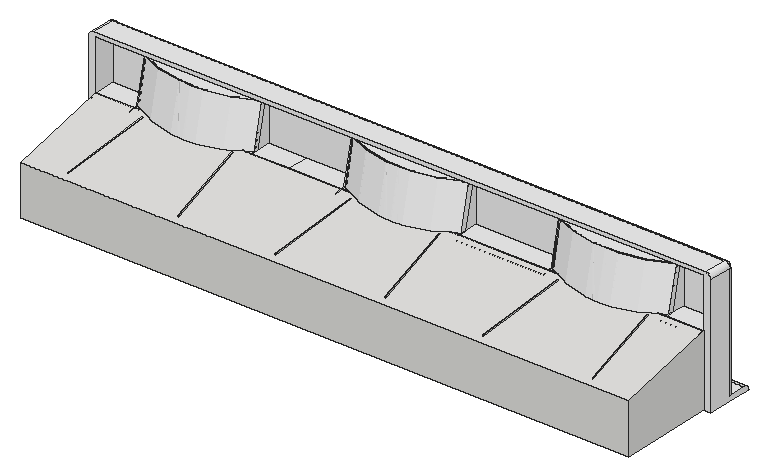
Revit family "Plumbing-Sink-Sloan-Valve-ELC-83000_", category Plumbing Fixtures, host Face, Revit 2020
Family settings
  Host = Face
  Round Connector Dimension = Use Diameter
  Part Type = Normal
  OmniClass Number = 23.45.05.14.14
  OmniClass Title = Sinks/Lavatories
  Cut with Voids When Loaded = No
  Shared = No
  Room Calculation Point = No
Parameters (values of type "ELC-83000")
  Width = 90.00"  # constant formula
  Water Flow = 0.0 GPM
  Waste Connection = yes
  WFU = 2
  Voltage = 110 V
  Vent Connection = no
  Valve Pressure Drop = 0.0 Pa
  URL = "www.sloanvalve.com"
  TAS Ages 4-10 [instance] = no
  TAS Ages 11-15 [instance] = no
  Sanitary Drain Connector Description = "Sanitary Drain Connector"  # constant formula
  Sanitary Drain Connection Diameter = 1.50"  # constant formula
  Product data url = "https://bimobject.com/sloan_valve/product/sinks_sloanstone_ELC-83000"
  Product Material = Sloan - SloanStone - White (WH)
  Power Factor = 1
  Part Number = ""
  Number of Poles = 1
  Model = "ELC-83000"
  Manufacturer = "Sloan Valve"  # constant formula
  Keynote = "10000"
  Hot Water Connector Description = "Hot Water Connector"  # constant formula
  Hot Water Connection Diameter = 0.50"  # constant formula
  Height = 6.78"  # constant formula
  HWFU = 1.5
  HW Connection = yes
  z_Elevation [instance] = if(ADA Compliant, 22.00", if([TAS Ages 4-10], 18.00", if([TAS Ages 11-15], 20.00", 24.00")))  # 22.00"
  Enclosure [instance] = yes
  Edition number = 1
  Description = "SloanStone® 3-Station Wall-Mounted Counter Top Sink."
  Depth = 18.00"  # constant formula
  Default Elevation = 0.00"  # constant formula
  Current = 15 A
  Connector Description = "Electrical Connection"  # constant formula
  Cold Water Connector Description = "Cold Water Connector"  # constant formula
  Cold Water Connection Diameter = 0.50"  # constant formula
  CWFU = 1.5
  CW Connection = yes
  Assembly Code = "D2010400"
  Apparent Load = (Voltage * Current) / (Power Factor * Number of Poles)  # 1650 VA
  ADA Compliant [instance] = yes
Reference planes (in)
  plane 1 "Center (Front/Back)": y = 0
  plane 2: z = 0
  plane 3 "Center (Left/Right)": x = 0
  plane 4: x = -15
  plane 5: x = 15
  plane 6: z = 18
  plane 7: z = 2.13045
  plane 8: y = -14.9375
  plane 9: y = -36.9375
Dimensions and locks (in)
  nested 1 to plane 8 = 11.9375"
  "z_Elevation": plane 8 to plane 9
  aligned and locked: plane 2 to host face
  aligned and locked: level to host face
  aligned and locked: plane 3 "Center (Left/Right)" to nested 1
  aligned and locked: nested 1 to plane 8
Automatic sketch dimensions
  host sketch curve to host sketch curve = 96.00"  (x2)
Nested families (in)
  nested 1: "Geometry4" at (0, -3, 0), type "Geometry4"
Connectors (in)
  piping at (-29.98625, -14.9375, 0), diameter 1.5, driven by "Sanitary Drain Connection Diameter", driven by "WFU", driven by "Sanitary Drain Connector Description"
    settings: on nested 1, index 5, connector inside diameter 24.00", connector length 0.00", flow factor 0, pipe flow 0.0 GPM, pressure drop 0.0 Pa, fitting loss kfactor 0, connector angle 0.00°, fixture units 2, engagement length 0.00", angle of deflection 0.00°, flow configuration 3, flow direction 2, fitting loss method 0, system type 16, joint type 0, gender type 0, connector reference index -1, connector utility 0, adjustable connector no, is connector primary yes, connector description "Sanitary Drain Connector"
  piping at (-27.98625, -14.9375, 0), diameter 0.5, driven by "Cold Water Connection Diameter", driven by "CWFU", driven by "Cold Water Connector Description"
    settings: on nested 1, index 6, connector inside diameter 24.00", connector length 0.00", flow factor 0, pipe flow 0.0 GPM, pressure drop 0.0 Pa, fitting loss kfactor 0, connector angle 0.00°, fixture units 1.5, engagement length 0.00", angle of deflection 0.00°, flow configuration 3, flow direction 1, fitting loss method 0, system type 20, joint type 0, gender type 0, connector reference index -1, connector utility 0, adjustable connector no, is connector primary no, connector description "Cold Water Connector"
  piping at (-31.98625, -14.9375, 0), diameter 0.5, driven by "Hot Water Connection Diameter", driven by "HWFU", driven by "Hot Water Connector Description"
    settings: on nested 1, index 7, connector inside diameter 24.00", connector length 0.00", flow factor 0, pipe flow 0.0 GPM, pressure drop 0.0 Pa, fitting loss kfactor 0, connector angle 0.00°, fixture units 1.5, engagement length 0.00", angle of deflection 0.00°, flow configuration 3, flow direction 1, fitting loss method 0, system type 19, joint type 0, gender type 0, connector reference index -1, connector utility 0, adjustable connector no, is connector primary no, connector description "Hot Water Connector"
  piping at (30.00724, -14.9375, 0), diameter 1.5, driven by "Sanitary Drain Connection Diameter", driven by "WFU", driven by "Sanitary Drain Connector Description"
    settings: on nested 1, index 8, connector inside diameter 24.00", connector length 0.00", flow factor 0, pipe flow 0.0 GPM, pressure drop 0.0 Pa, fitting loss kfactor 0, connector angle 0.00°, fixture units 2, engagement length 0.00", angle of deflection 0.00°, flow configuration 3, flow direction 2, fitting loss method 0, system type 16, joint type 0, gender type 0, connector reference index -1, connector utility 0, adjustable connector no, is connector primary no, connector description "Sanitary Drain Connector"
  piping at (32.00724, -14.9375, 0), diameter 0.5, driven by "Cold Water Connection Diameter", driven by "CWFU", driven by "Cold Water Connector Description"
    settings: on nested 1, index 9, connector inside diameter 24.00", connector length 0.00", flow factor 0, pipe flow 0.0 GPM, pressure drop 0.0 Pa, fitting loss kfactor 0, connector angle 0.00°, fixture units 1.5, engagement length 0.00", angle of deflection 0.00°, flow configuration 3, flow direction 1, fitting loss method 0, system type 20, joint type 0, gender type 0, connector reference index -1, connector utility 0, adjustable connector no, is connector primary no, connector description "Cold Water Connector"
  piping at (28.00724, -14.9375, 0), diameter 0.5, driven by "Hot Water Connection Diameter", driven by "HWFU", driven by "Hot Water Connector Description"
    settings: on nested 1, index 10, connector inside diameter 24.00", connector length 0.00", flow factor 0, pipe flow 0.0 GPM, pressure drop 0.0 Pa, fitting loss kfactor 0, connector angle 0.00°, fixture units 1.5, engagement length 0.00", angle of deflection 0.00°, flow configuration 3, flow direction 1, fitting loss method 0, system type 19, joint type 0, gender type 0, connector reference index -1, connector utility 0, adjustable connector no, is connector primary no, connector description "Hot Water Connector"
  electrical at (21, -11.9375, 0), driven by "Number of Poles", driven by "Voltage", driven by "Apparent Load", driven by "Power Factor", driven by "Connector Description"
    settings: on nested 1, index 11, voltage 110 V, apparent load 0 VA, apparent load phase1 1650 VA, apparent load phase2 0 VA, apparent load phase3 0 VA, power factor 1, load classification "Other", number of poles 1, system type 31, power factor state 1, is connector primary yes, connector utility no, sub classification motor no, connector description "Electrical Connection"
  piping at (2.01375, -14.9375, 0), diameter 0.5, driven by "Cold Water Connection Diameter", driven by "CWFU", driven by "Cold Water Connector Description"
    settings: on nested 1, index 13, connector inside diameter 24.00", connector length 0.00", flow factor 0, pipe flow 0.0 GPM, pressure drop 0.0 Pa, fitting loss kfactor 0, connector angle 0.00°, fixture units 1.5, engagement length 0.00", angle of deflection 0.00°, flow configuration 3, flow direction 1, fitting loss method 0, system type 20, joint type 0, gender type 0, connector reference index -1, connector utility 0, adjustable connector no, is connector primary no, connector description "Cold Water Connector"
  piping at (-1.98625, -14.9375, 0), diameter 0.5, driven by "HWFU", driven by "Hot Water Connector Description", driven by "Hot Water Connection Diameter"
    settings: on nested 1, index 14, connector inside diameter 24.00", connector length 0.00", flow factor 0, pipe flow 0.0 GPM, pressure drop 0.0 Pa, fitting loss kfactor 0, connector angle 0.00°, fixture units 1.5, engagement length 0.00", angle of deflection 0.00°, flow configuration 3, flow direction 1, fitting loss method 0, system type 19, joint type 0, gender type 0, connector reference index -1, connector utility 0, adjustable connector no, is connector primary no, connector description "Hot Water Connector"
  piping at (0.01375, -14.9375, 0), diameter 1.5, driven by "Sanitary Drain Connection Diameter", driven by "WFU", driven by "Sanitary Drain Connector Description"
    settings: on nested 1, index 15, connector inside diameter 24.00", connector length 0.00", flow factor 0, pipe flow 0.0 GPM, pressure drop 0.0 Pa, fitting loss kfactor 0, connector angle 0.00°, fixture units 2, engagement length 0.00", angle of deflection 0.00°, flow configuration 3, flow direction 2, fitting loss method 0, system type 16, joint type 0, gender type 0, connector reference index -1, connector utility 0, adjustable connector no, is connector primary no, connector description "Sanitary Drain Connector"
  electrical at (-9, -11.9375, 0), driven by "Number of Poles", driven by "Voltage", driven by "Apparent Load", driven by "Power Factor", driven by "Connector Description"
    settings: on nested 1, index 16, voltage 110 V, apparent load 0 VA, apparent load phase1 1650 VA, apparent load phase2 0 VA, apparent load phase3 0 VA, power factor 1, load classification "Other", number of poles 1, system type 31, power factor state 1, is connector primary no, connector utility no, sub classification motor no, connector description "Electrical Connection"
  electrical at (-39, -11.9375, 0), driven by "Number of Poles", driven by "Voltage", driven by "Apparent Load", driven by "Power Factor", driven by "Connector Description"
    settings: on nested 1, index 17, voltage 110 V, apparent load 0 VA, apparent load phase1 1650 VA, apparent load phase2 0 VA, apparent load phase3 0 VA, power factor 1, load classification "Other", number of poles 1, system type 31, power factor state 1, is connector primary no, connector utility no, sub classification motor no, connector description "Electrical Connection"
Definition of nested family "Geometry4"
  Parameters (values of type "Geometry4")
    URL = ""
    Product Material = none
    Model = ""
    Manufacturer = ""
    Enclosure Material = none
    Enclosure = yes
    Description = ""
    Default Elevation = 33.9375"
    Assembly Code = ""
  Reference planes (in)
    plane 1 "Center (Front/Back)": y = 0
    plane 2: z = 0
    plane 3 "Center (Left/Right)": x = 0
    plane 4: z = 18
    plane 5: x = 30
    plane 6: x = -30
    plane 7: y = 3
    plane 8: y = -17.4375
    plane 9: y = -33.9375
    plane 10: y = -3.78125
    plane 11: z = 6.75
    plane 12: y = -11.9375
    plane 13: x = 28
    plane 14: x = 32
    plane 15: y = -3.78125
    plane 16: y = -8.9375
    plane 17: y = -5.89909
    plane 18: x = -38.74276
    plane 19: x = -21.24276
    plane 20: z = 4.59881
    plane 21: z = 7.6162
    plane 22: y = -33.9375
    plane 23: x = 45
    plane 24: x = -45
    plane 25: x = 44
    plane 26: x = -44
    plane 27: x = 38.75
    plane 28: x = 21.25
    plane 29: z = 7.6162
    plane 30: x = -32
    plane 31: x = -28
    plane 32: x = -8.74276
    plane 33: x = 8.75724
    plane 34: z = 7.6162
    plane 35: x = -2
    plane 36: x = 2
  Forms (in)
    Extrusion 1, solid
      sketch origin (0, 0, 0) x (1, 0, 0) y (0, 1, 0)
        loop
          line (-48, 48) -> (-48, -48) -> (48, -48) -> (48, 48) -> (-48, 48)
      from 0 to -12
    Extrusion 2, solid, material <- "Product Material"
      sketch origin (-15, 0, 0) x (0, 1, 0) y (0, 0, 1)
        loop
          line (-4.67455, 0) -> (0, 0) -> (3, 0)
          arc (3, 0) -> (2.78033, 0.53033) -> (2.25, 0.75) r 0.75
          line (2.25, 0.75) -> (0, 0.75) -> (0, 18) -> (-4.67455, 18) -> (-4.67455, 0)
      from -30 to 60
    Blend 3, void
      base sketch origin (-14.99276, 0, 0) x (1, 0, 0) y (0, 0, 1)
        loop
          arc (-6.99457, 15.13528) -> (-7.14101, 15.48883) -> (-7.49457, 15.63528) r 0.5
          line (-7.49457, 15.63528) -> (-22.49457, 15.63528)
          arc (-22.49457, 15.63528) -> (-22.84812, 15.48883) -> (-22.99457, 15.13528) r 0.5
          line (-22.99457, 15.13528) -> (-22.99457, 5.13528)
          arc (-22.99457, 5.13528) -> (-22.84812, 4.78172) -> (-22.49457, 4.63528) r 0.5
          line (-22.49457, 4.63528) -> (-7.49457, 4.63528)
          arc (-7.49457, 4.63528) -> (-7.14101, 4.78172) -> (-6.99457, 5.13528) r 0.5
          line (-6.99457, 5.13528) -> (-6.99457, 15.13528)
      top sketch origin (-14.99276, 0, 0) x (1, 0, 0) y (0, 0, 1)
        loop
          arc (-7.5, 4.13528) -> (-6.79289, 4.42817) -> (-6.5, 5.13528) r 1
          line (-6.5, 5.13528) -> (-6.5, 15.13528)
          arc (-6.5, 15.13528) -> (-6.79289, 15.84238) -> (-7.5, 16.13528) r 1
          line (-7.5, 16.13528) -> (-22.5, 16.13528)
          arc (-22.5, 16.13528) -> (-23.20711, 15.84238) -> (-23.5, 15.13528) r 1
          line (-23.5, 15.13528) -> (-23.5, 5.13528)
          arc (-23.5, 5.13528) -> (-23.20711, 4.42817) -> (-22.5, 4.13528) r 1
          line (-22.5, 4.13528) -> (-7.5, 4.13528)
      from 5.04228 to 0
    Blend 4, void
      base sketch origin (0, 0, 0) x (1, 0, 0) y (0, 0, 1)
        loop
          line (-15.5, 0.75) -> (-15.5, 17.49276) -> (-44.48551, 17.49276) -> (-44.48551, 0.75) -> (-15.5, 0.75)
      top sketch origin (0, 0, 0) x (1, 0, 0) y (0, 0, 1)
        loop
          arc (-21.5, 15.13528) -> (-21.79289, 15.84238) -> (-22.5, 16.13528) r 1
          line (-22.5, 16.13528) -> (-37.5, 16.13528)
          arc (-37.5, 16.13528) -> (-38.20711, 15.84238) -> (-38.5, 15.13528) r 1
          line (-38.5, 15.13528) -> (-38.5, 5.13528)
          arc (-38.5, 5.13528) -> (-38.20711, 4.42817) -> (-37.5, 4.13528) r 1
          line (-37.5, 4.13528) -> (-22.5, 4.13528)
          arc (-22.5, 4.13528) -> (-21.79289, 4.42817) -> (-21.5, 5.13528) r 1
          line (-21.5, 5.13528) -> (-21.5, 15.13528)
      from 0 to 0.625
    Extrusion 5, solid, material <- "Enclosure Material"
      sketch origin (30.00724, 15.09345, 0) x (1, 0, 0) y (0, 1, 0)
        loop
          circle (0, -27.03095) r 0.75
        loop
          circle (2, -27.03095) r 0.25
        loop
          circle (-2, -27.03095) r 0.25
      from 0 to 0.01563
    Extrusion 6, solid, material <- "Product Material"
      sketch origin (-30, 0, 0) x (1, 0, 0) y (0, 0, 1)
        loop
          line (1.5625, 0.75) -> (1.5625, 2.13045)
          arc (1.5625, 2.13045) -> (0, 3.69295) -> (-1.5625, 2.13045) r 1.5625
          line (-1.5625, 2.13045) -> (-1.5625, 0.75) -> (1.5625, 0.75)
        loop
          circle (0, 2.2242) r 0.75
      from 0 to 0.75
    Sweep 7, void
      path origin (0, 0, 0) x (1, 0, 0) y (0, 0, 1)
        loop
          line (45, 0.75) -> (45, 17.25)
          arc (45, 17.25) -> (44.78033, 17.78033) -> (44.25, 18) r 0.75
          line (44.25, 18) -> (-44.25, 18)
          arc (-44.25, 18) -> (-44.78033, 17.78033) -> (-45, 17.25) r 0.75
          line (-45, 17.25) -> (-45, 0.75)
      profile origin (45, 0, 9) x (-1, 0, 0) y (0, -1, 0)
        loop
          line (0, 0.38898) -> (0, 0) -> (0.38898, 0)
          arc (0.38898, 0) -> (0.11393, 0.11393) -> (0, 0.38898) r 0.38898
    Extrusion 8, solid, material <- "Product Material"
      sketch origin (-38.25045, 0.02091, 0) x (-0.139173, 0.990268, 0) y (0, 0, 1)
        loop
          circle (-2.06539, 6.60137) r 0.25
        loop
          circle (-2.06539, 6.60137) r 0.1875
      from -0.34335 to -0.28085
    Extrusion 9, solid, material <- "Enclosure Material", visible <- "Enclosure"
      sketch origin (-14.99276, -6.10613, 9.7449) x (0, -0.975993, -0.217802) y (1, 0, 0)
        loop
          line (10.46797, 53.01987) -> (-1.44258, 51.55744) -> (-1.44258, 51.4315) -> (10.46797, 52.89393) -> (10.46797, 53.01987)
        loop
          line (10.46797, 36.98013) -> (10.46797, 37.10607) -> (-1.44258, 38.5685) -> (-1.44258, 38.44256) -> (10.46797, 36.98013)
      from 0 to 0.0625
    Extrusion 10, void
      sketch origin (0, 0, 0) x (1, 0, 0) y (0, 0, 1)
        loop
          line (44.00362, 10.26372) -> (44.00362, 17.49276) -> (0.13036, 17.49276) -> (-44, 17.49276) -> (-44, 10.26372) -> (-38, 10.26372) -> (-38, 15.13528)
          arc (-38, 15.13528) -> (-37.85355, 15.48883) -> (-37.5, 15.63528) r 0.5
          line (-37.5, 15.63528) -> (-22.48913, 15.63528)
          arc (-22.48913, 15.63528) -> (-22.13558, 15.48883) -> (-21.98913, 15.13528) r 0.5
          line (-21.98913, 15.13528) -> (-21.98913, 10.26372) -> (-16.0616, 10.26372) -> (-8.03646, 10.26372) -> (-8.03646, 15.13528)
          arc (-8.03646, 15.13528) -> (-7.89002, 15.48883) -> (-7.53646, 15.63528) r 0.5
          line (-7.53646, 15.63528) -> (7.53646, 15.63528)
          arc (7.53646, 15.63528) -> (7.89002, 15.48883) -> (8.03646, 15.13528) r 0.5
          line (8.03646, 15.13528) -> (8.03646, 10.26372) -> (21.95629, 10.26372) -> (21.95629, 15.13528)
          arc (21.95629, 15.13528) -> (22.10274, 15.48883) -> (22.45629, 15.63528) r 0.5
          line (22.45629, 15.63528) -> (37.52922, 15.63528)
          arc (37.52922, 15.63528) -> (37.88277, 15.48883) -> (38.02922, 15.13528) r 0.5
          line (38.02922, 15.13528) -> (38.02922, 10.26372) -> (44.00362, 10.26372)
      from 0.625 to 4.67455
    Extrusion 11, solid, material <- "Enclosure Material", visible <- "Enclosure"
      sketch origin (0, 0, 0) x (0, 1, 0) y (0, 0, 1)
        loop
          line (-17.4375, 7.2162) -> (-17.4375, 6.96005) -> (-3.78125, 10.00757) -> (-3.78125, 10.26372) -> (-17.4375, 7.2162)
      from -44 to 44
    Blend 12, solid, material <- "Product Material"
      base sketch origin (0.00724, 0.125, 0) x (1, 0, 0) y (0, 1, 0)
        loop
          arc (-38.5, -1.99005) -> (-30, -4.18096) -> (-21.5, -1.99005) r 17.58403
          line (-21.5, -1.99005) -> (-21.5, -1.41631) -> (-38.5, -1.41631) -> (-38.5, -1.99005)
      top sketch origin (0.00724, 0.125, 0) x (1, 0, 0) y (0, 1, 0)
        loop
          arc (-38.5, -4.74005) -> (-30, -6.93096) -> (-21.5, -4.74005) r 17.58403
          line (-21.5, -4.74005) -> (-21.5, -4.16631)
          arc (-21.5, -4.16631) -> (-30, -6.43096) -> (-38.5, -4.16631) r 17.08403
          line (-38.5, -4.16631) -> (-38.5, -4.74005)
      from 16.24003 to 4.13528
    Extrusion 13, solid, material <- "Product Material"
      sketch origin (30, 0, 0) x (1, 0, 0) y (0, 1, 0)
        loop
          line (-8.5, -0.625) -> (-8.5, -1.86505)
          arc (-8.5, -1.86505) -> (0, -4.05596) -> (8.5, -1.86505) r 17.58403
          line (8.5, -1.86505) -> (8.5, -0.625) -> (-8.5, -0.625)
      from 16.24003 to 16.30253
    Extrusion 14, void
      sketch origin (-15, 0, 0) x (1, 0, 0) y (0, 0, 1)
        loop
          line (60, 17.25) -> (60, 18) -> (59.25, 18)
          arc (59.25, 18) -> (59.78033, 17.78033) -> (60, 17.25) r 0.75
        loop
          arc (-30, 17.25) -> (-29.78033, 17.78033) -> (-29.25, 18) r 0.75
          line (-29.25, 18) -> (-30, 18) -> (-30, 17.25)
      from 0 to 3.78125
    Extrusion 15, solid, material <- "Product Material"
      sketch origin (0, 0, 0) x (-1, 0, 0) y (0, -1, 0)
        loop
          line (-23.43078, 0.625) -> (-23.02922, 4.67455)
          arc (-23.02922, 4.67455) -> (-23.26191, 4.55278) -> (-23.49276, 4.42755) r 17.58403
          line (-23.49276, 4.42755) -> (-23.49276, 0.625) -> (-23.43078, 0.625)
      from 5.96236 to 16.30253
    Extrusion 16, void
      sketch origin (15, 0, 0) x (0, 1, 0) y (0, 0, -1)
        loop
          line (-4.67455, -16.30253) -> (-1.85085, -16.30253) -> (-4.67455, -3.87337) -> (-4.67455, -16.30253)
      from -8.49276 to -8.02922
    Extrusion 17, solid, material <- "Product Material"
      sketch origin (15, 0, 10.20122) x (1, 0, 0) y (0, 1, 0)
        loop
          line (8.5, -2.91522) -> (7, -3.78125) -> (8.5, -3.78125) -> (8.5, -2.91522)
        loop
          line (-8.5, -2.91522) -> (-8.5, -3.78125) -> (-7, -3.78125) -> (-8.5, -2.91522)
      from 0 to 0.0625
    Extrusion 18, solid, material <- "Enclosure Material", visible <- "Enclosure"
      sketch origin (0, 0, 0) x (0, 1, 0) y (0, 0, 1)
        loop
          line (-17.4375, 6.96005) -> (-17.4375, 0) -> (-3.78125, 0) -> (-3.78125, 10.00757) -> (-17.4375, 6.96005)
      from -44 to -43.75
    Extrusion 19, solid, material <- "Enclosure Material", visible <- "Enclosure"
      sketch origin (0, 0, 0) x (0, 1, 0) y (0, 0, -1)
        loop
          line (-17.4375, -6.96005) -> (-3.78125, -10.00757) -> (-3.78125, 0) -> (-17.4375, 0) -> (-17.4375, -6.96005)
      from -44 to -43.75
    Extrusion 20, solid, material <- "Enclosure Material", visible <- "Enclosure"
      sketch origin (0, 0, 0) x (1, 0, 0) y (0, 0, 1)
        loop
          line (-43.75, 7.12021) -> (-43.75, 0) -> (43.75, 0) -> (43.75, 7.12021) -> (-43.75, 7.12021)
      from 17.12216 to 17.4375
    Extrusion 21, solid, material <- "Product Material"
      sketch origin (0, 0, 0) x (0, 1, 0) y (0, 0, 1)
        loop
          line (-4.67455, 4.59881) -> (-6.80596, 4.59881) -> (-6.80596, 4.13528) -> (-3.78125, 4.13528) -> (-3.78125, 4.51023) -> (-4.67455, 4.59881)
      from -38.49276 to -21.49276
    Extrusion 22, void
      sketch origin (0, 0, 0) x (1, 0, 0) y (0, 0, 1)
        loop
          line (-43.875, 17.49276) -> (43.875, 17.49276) -> (43.875, 0) -> (45, 0) -> (45, 18) -> (-45, 18) -> (-45, 0) -> (-43.875, 0) -> (-43.875, 17.49276)
      from 3.78125 to 4.67455
    Extrusion 23, void
      sketch origin (0, 0, 0) x (0, 1, 0) y (0, 0, 1)
        loop
          line (-4.14746, 10.58214) -> (-4.14746, 9.83214) -> (-2.72068, 9.83214) -> (-2.72068, 10.58214) -> (-4.14746, 10.58214)
      from 25.11465 to 34.88535
    Extrusion 24, void
      sketch origin (0, 0, 0) x (0, 1, 0) y (0, 0, 1)
        loop
          line (-4.67455, 10.01749) -> (-3.78125, 10.21684) -> (-3.78125, 10.48935) -> (-4.67455, 10.4112) -> (-4.67455, 10.01749)
      from -44 to 44
    Revolve 25, void
      sketch origin (-30, 0, 28.20146) x (0, 0, 1) y (0, 1, 0)
        loop
          line (-21.33526, -6.3194) -> (-20.69798, -6.06192) -> (-20.69798, -4.65649) -> (-21.33526, -4.65649) -> (-21.33526, -6.3194)
        axis (-21.33526, -6.3194) -> (-21.33526, -4.65649)
      angle from 0 to 360
    Extrusion 26, solid, material <- "Product Material"
      sketch origin (30.01449, 0, 0) x (-1, 0, 0) y (0, 0, -1)
        loop
          line (1.5625, -0.75) -> (-1.5625, -0.75) -> (-1.5625, -2.13045)
          arc (-1.5625, -2.13045) -> (0, -3.69295) -> (1.5625, -2.13045) r 1.5625
          line (1.5625, -2.13045) -> (1.5625, -0.75)
        loop
          circle (0, -2.2242) r 0.75
      from 0 to 0.75
    Blend 27, void
      base sketch origin (14.99276, 0, 0) x (-1, 0, 0) y (0, 0, -1)
        loop
          line (-7, -15.13528) -> (-7, -5.13528)
          arc (-7, -5.13528) -> (-7.14645, -4.78172) -> (-7.5, -4.63528) r 0.5
          line (-7.5, -4.63528) -> (-22.5, -4.63528)
          arc (-22.5, -4.63528) -> (-22.85355, -4.78172) -> (-23, -5.13528) r 0.5
          line (-23, -5.13528) -> (-23, -15.13528)
          arc (-23, -15.13528) -> (-22.85355, -15.48883) -> (-22.5, -15.63528) r 0.5
          line (-22.5, -15.63528) -> (-7.5, -15.63528)
          arc (-7.5, -15.63528) -> (-7.14645, -15.48883) -> (-7, -15.13528) r 0.5
      top sketch origin (14.99276, 0, 0) x (-1, 0, 0) y (0, 0, -1)
        loop
          line (-7.5, -4.13528) -> (-22.5, -4.13528)
          arc (-22.5, -4.13528) -> (-23.20711, -4.42817) -> (-23.5, -5.13528) r 1
          line (-23.5, -5.13528) -> (-23.5, -15.13528)
          arc (-23.5, -15.13528) -> (-23.20711, -15.84238) -> (-22.5, -16.13528) r 1
          line (-22.5, -16.13528) -> (-7.5, -16.13528)
          arc (-7.5, -16.13528) -> (-6.79289, -15.84238) -> (-6.5, -15.13528) r 1
          line (-6.5, -15.13528) -> (-6.5, -5.13528)
          arc (-6.5, -5.13528) -> (-6.79289, -4.42817) -> (-7.5, -4.13528) r 1
      from 5.04228 to 0
    Blend 28, void
      base sketch origin (0, 0, 0) x (-1, 0, 0) y (0, 0, -1)
        loop
          line (-15.5, -0.75) -> (-44.49276, -0.75) -> (-44.49276, -17.49276) -> (-15.5, -17.49276) -> (-15.5, -0.75)
      top sketch origin (0, 0, 0) x (-1, 0, 0) y (0, 0, -1)
        loop
          line (-21.5, -15.13528) -> (-21.5, -5.13528)
          arc (-21.5, -5.13528) -> (-21.79289, -4.42817) -> (-22.5, -4.13528) r 1
          line (-22.5, -4.13528) -> (-37.5, -4.13528)
          arc (-37.5, -4.13528) -> (-38.20711, -4.42817) -> (-38.5, -5.13528) r 1
          line (-38.5, -5.13528) -> (-38.5, -15.13528)
          arc (-38.5, -15.13528) -> (-38.20711, -15.84238) -> (-37.5, -16.13528) r 1
          line (-37.5, -16.13528) -> (-22.5, -16.13528)
          arc (-22.5, -16.13528) -> (-21.79289, -15.84238) -> (-21.5, -15.13528) r 1
      from 0 to 0.625
    Blend 29, solid, material <- "Product Material"
      base sketch origin (0, 0.125, 0) x (-1, 0, 0) y (0, -1, 0)
        loop
          line (-38.5, 1.99005) -> (-38.5, 1.41631) -> (-21.5, 1.41631) -> (-21.5, 1.99005)
          arc (-21.5, 1.99005) -> (-30, 4.18096) -> (-38.5, 1.99005) r 17.58403
      top sketch origin (0, 0.125, 0) x (-1, 0, 0) y (0, -1, 0)
        loop
          line (-38.5, 4.74005) -> (-38.5, 4.16631)
          arc (-38.5, 4.16631) -> (-30, 6.43096) -> (-21.5, 4.16631) r 17.08403
          line (-21.5, 4.16631) -> (-21.5, 4.74005)
          arc (-21.5, 4.74005) -> (-30, 6.93096) -> (-38.5, 4.74005) r 17.58403
      from 16.24003 to 4.13528
    Extrusion 30, void
      sketch origin (0, 0, 0) x (0, 1, 0) y (0, 0, -1)
        loop
          line (-4.14746, -10.58214) -> (-2.72068, -10.58214) -> (-2.72068, -9.83214) -> (-4.14746, -9.83214) -> (-4.14746, -10.58214)
      from 25.11465 to 34.88535
    Extrusion 31, solid, material <- "Product Material"
      sketch origin (0, 0, 0) x (0, 1, 0) y (0, 0, -1)
        loop
          line (-4.67455, -4.59881) -> (-3.78125, -4.51023) -> (-3.78125, -4.13528) -> (-6.80596, -4.13528) -> (-6.80596, -4.59881) -> (-4.67455, -4.59881)
      from -38.74269 to -21.25
    Extrusion 32, solid, material <- "Product Material"
      sketch origin (0.00724, 0, 0) x (-1, 0, 0) y (0, -1, 0)
        loop
          line (-8.5, 0.625) -> (8.5, 0.625) -> (8.5, 1.86505)
          arc (8.5, 1.86505) -> (0, 4.05596) -> (-8.5, 1.86505) r 17.58403
          line (-8.5, 1.86505) -> (-8.5, 0.625)
      from 16.24003 to 16.30253
    Extrusion 33, solid, material <- "Product Material"
      sketch origin (-15, 0, 10.20122) x (-1, 0, 0) y (0, -1, 0)
        loop
          line (23.49276, 2.91522) -> (23.49276, 3.78125) -> (21.99276, 3.78125) -> (23.49276, 2.91522)
        loop
          line (6.4974, 2.91791) -> (7.99276, 3.78125) -> (6.4974, 3.78125) -> (6.4974, 2.91791)
        loop
          line (-53.50724, 2.91522) -> (-52.00724, 3.78125) -> (-53.50724, 3.78125) -> (-53.50724, 2.91522)
        loop
          line (-36.4853, 2.90255) -> (-36.4853, 3.78125) -> (-38.00724, 3.78125) -> (-36.4853, 2.90255)
        loop
          line (-23.50724, 2.91522) -> (-22.00724, 3.78125) -> (-23.50724, 3.78125) -> (-23.50724, 2.91522)
        loop
          line (-6.50724, 2.91522) -> (-6.50724, 3.78125) -> (-8.00724, 3.78125) -> (-6.50724, 2.91522)
      from 0 to 0.0625
    Extrusion 34, solid, material <- "Product Material"
      sketch origin (14.99276, 0, 0) x (-1, 0, 0) y (0, -1, 0)
        loop
          line (6.55473, 0.625) -> (6.95629, 4.67455)
          arc (6.95629, 4.67455) -> (6.72725, 4.55473) -> (6.5, 4.43155) r 17.58403
          line (6.5, 4.43155) -> (6.5, 0.625) -> (6.55473, 0.625)
      from 5.96236 to 16.30253
    Extrusion 35, solid, material <- "Product Material"
      sketch origin (-14.99741, 0, 0) x (1, 0, 0) y (0, 1, 0)
        loop
          line (-23.49534, -0.625) -> (-23.49534, -4.42612) -> (-23.02677, -4.67455) -> (-23.43269, -0.625) -> (-23.49534, -0.625)
      from 5.96236 to 16.30253
    Extrusion 36, void
      sketch origin (-16.53646, 0, 0) x (0, 1, 0) y (0, 0, -1)
        loop
          line (-4.67455, -16.30253) -> (-1.85085, -16.30253) -> (-4.67455, -3.87337) -> (-4.67455, -16.30253)
      from -8.50857 to -8.02922
    Extrusion 37, void
      sketch origin (17.19911, 0, 0) x (0, 1, 0) y (0, 0, -1)
        loop
          line (-4.67455, -16.30253) -> (-1.85085, -16.30253) -> (-4.67455, -3.87337) -> (-4.67455, -16.30253)
      from 8.69645 to 9.1892
    Extrusion 38, solid, material <- "Enclosure Material"
      sketch origin (-29.98625, 15.09345, 0) x (-1, 0, 0) y (0, -1, 0)
        loop
          circle (0, 27.03095) r 0.75
        loop
          circle (2, 27.03095) r 0.25
        loop
          circle (-2, 27.03095) r 0.25
      from 0 to 0.01563
    Revolve 39, void
      sketch origin (30, 0, 28.20146) x (0, 0, 1) y (0, 1, 0)
        loop
          line (-21.33526, -6.3194) -> (-20.69798, -6.06192) -> (-20.69798, -4.65649) -> (-21.33526, -4.65649) -> (-21.33526, -6.3194)
        axis (-21.33526, -6.3194) -> (-21.33526, -4.65649)
      angle from 0 to 360
    Extrusion 40, solid, material <- "Product Material"
      sketch origin (38.13335, 0.02091, 0) x (0.139173, 0.990268, 0) y (0, 0, -1)
        loop
          circle (-2.06539, -6.60137) r 0.25
        loop
          circle (-2.06539, -6.60137) r 0.1875
      from -0.34335 to -0.28085
    Extrusion 41, solid, material <- "Enclosure Material"
      sketch origin (45, 3, 0) x (1, 0, 0) y (0, 1, 0)
        loop
          line (-25.5, -10.9375) -> (-25.5, -12.9375) -> (-22.5, -12.9375) -> (-22.5, -10.9375) -> (-25.5, -10.9375)
      from 0 to 0.0625
    Extrusion 42, solid, material <- "Enclosure Material", visible <- "Enclosure"
      sketch origin (-74.99276, -6.10613, 9.7449) x (0, -0.975993, -0.217802) y (1, 0, 0)
        loop
          line (10.46797, 53.01987) -> (-1.44258, 51.55744) -> (-1.44258, 51.4315) -> (10.46797, 52.89393) -> (10.46797, 53.01987)
        loop
          line (10.46797, 36.98013) -> (10.46797, 37.10607) -> (-1.44258, 38.5685) -> (-1.44258, 38.44256) -> (10.46797, 36.98013)
      from 0 to 0.0625
    Extrusion 43, solid, material <- "Product Material"
      sketch origin (0, 0, 0) x (1, 0, 0) y (0, 0, 1)
        loop
          line (1.5625, 0.75) -> (1.5625, 2.13045)
          arc (1.5625, 2.13045) -> (0, 3.69295) -> (-1.5625, 2.13045) r 1.5625
          line (-1.5625, 2.13045) -> (-1.5625, 0.75) -> (1.5625, 0.75)
        loop
          circle (0, 2.2242) r 0.75
      from 0 to 0.75
    Extrusion 44, void
      sketch origin (43.01449, 0, 0) x (0, 1, 0) y (0, 0, -1)
        loop
          line (-4.14746, -10.58214) -> (-2.72068, -10.58214) -> (-2.72068, -9.83214) -> (-4.14746, -9.83214) -> (-4.14746, -10.58214)
      from 38.12914 to 47.89984
    Blend 45, void
      base sketch origin (30, 0, 0) x (1, 0, 0) y (0, 0, 1)
        loop
          line (-15.5, 0.75) -> (-15.5, 17.49276) -> (-44.48551, 17.49276) -> (-44.48551, 0.75) -> (-15.5, 0.75)
      top sketch origin (30, 0, 0) x (1, 0, 0) y (0, 0, 1)
        loop
          arc (-21.5, 15.13528) -> (-21.79289, 15.84238) -> (-22.5, 16.13528) r 1
          line (-22.5, 16.13528) -> (-37.5, 16.13528)
          arc (-37.5, 16.13528) -> (-38.20711, 15.84238) -> (-38.5, 15.13528) r 1
          line (-38.5, 15.13528) -> (-38.5, 5.13528)
          arc (-38.5, 5.13528) -> (-38.20711, 4.42817) -> (-37.5, 4.13528) r 1
          line (-37.5, 4.13528) -> (-22.5, 4.13528)
          arc (-22.5, 4.13528) -> (-21.79289, 4.42817) -> (-21.5, 5.13528) r 1
          line (-21.5, 5.13528) -> (-21.5, 15.13528)
      from 0 to 0.625
    Extrusion 46, solid, material <- "Product Material"
      sketch origin (-14.9974, 0, 0) x (-1, 0, 0) y (0, -1, 0)
        loop
          line (6.55473, 0.625) -> (6.95629, 4.67455)
          arc (6.95629, 4.67455) -> (6.72725, 4.55473) -> (6.5, 4.43155) r 17.58403
          line (6.5, 4.43155) -> (6.5, 0.625) -> (6.55473, 0.625)
      from 5.96236 to 16.30253
    Extrusion 47, void
      sketch origin (-12.80095, 0, 0) x (0, 1, 0) y (0, 0, -1)
        loop
          line (-4.67455, -16.30253) -> (-1.85085, -16.30253) -> (-4.67455, -3.87337) -> (-4.67455, -16.30253)
      from 8.69645 to 9.1892
    Blend 48, solid, material <- "Product Material"
      base sketch origin (30.00724, 0.125, 0) x (1, 0, 0) y (0, 1, 0)
        loop
          arc (-38.5, -1.99005) -> (-30, -4.18096) -> (-21.5, -1.99005) r 17.58403
          line (-21.5, -1.99005) -> (-21.5, -1.41631) -> (-38.5, -1.41631) -> (-38.5, -1.99005)
      top sketch origin (30.00724, 0.125, 0) x (1, 0, 0) y (0, 1, 0)
        loop
          arc (-38.5, -4.74005) -> (-30, -6.93096) -> (-21.5, -4.74005) r 17.58403
          line (-21.5, -4.74005) -> (-21.5, -4.16631)
          arc (-21.5, -4.16631) -> (-30, -6.43096) -> (-38.5, -4.16631) r 17.08403
          line (-38.5, -4.16631) -> (-38.5, -4.74005)
      from 16.24003 to 4.13528
    Extrusion 49, solid, material <- "Product Material"
      sketch origin (44.98551, 0, 0) x (-1, 0, 0) y (0, -1, 0)
        loop
          line (6.55473, 0.625) -> (6.95629, 4.67455)
          arc (6.95629, 4.67455) -> (6.71995, 4.55084) -> (6.48551, 4.42355) r 17.58403
          line (6.48551, 4.42355) -> (6.48551, 0.625) -> (6.55473, 0.625)
      from 5.96236 to 16.30253
    Extrusion 50, void
      sketch origin (47.18196, 0, 0) x (0, 1, 0) y (0, 0, -1)
        loop
          line (-4.67455, -16.30253) -> (-1.85085, -16.30253) -> (-4.67455, -3.87337) -> (-4.67455, -16.30253)
      from 8.68196 to 9.1892
    Extrusion 51, solid, material <- "Product Material"
      sketch origin (0, 0, 0) x (0, 1, 0) y (0, 0, 1)
        loop
          line (-4.67455, 4.59881) -> (-6.80596, 4.59881) -> (-6.80596, 4.13528) -> (-3.78125, 4.13528) -> (-3.78125, 4.51023) -> (-4.67455, 4.59881)
      from -8.53141 to 8.55493
    Blend 52, void
      base sketch origin (15.00724, 0, 0) x (1, 0, 0) y (0, 0, 1)
        loop
          arc (-7.00724, 15.13528) -> (-7.15369, 15.48883) -> (-7.50724, 15.63528) r 0.5
          line (-7.50724, 15.63528) -> (-22.50724, 15.63528)
          arc (-22.50724, 15.63528) -> (-22.8608, 15.48883) -> (-23.00724, 15.13528) r 0.5
          line (-23.00724, 15.13528) -> (-23.00724, 5.13528)
          arc (-23.00724, 5.13528) -> (-22.8608, 4.78172) -> (-22.50724, 4.63528) r 0.5
          line (-22.50724, 4.63528) -> (-7.50724, 4.63528)
          arc (-7.50724, 4.63528) -> (-7.15369, 4.78172) -> (-7.00724, 5.13528) r 0.5
          line (-7.00724, 5.13528) -> (-7.00724, 15.13528)
      top sketch origin (15.00724, 0, 0) x (1, 0, 0) y (0, 0, 1)
        loop
          arc (-7.50724, 4.13528) -> (-6.80014, 4.42817) -> (-6.50724, 5.13528) r 1
          line (-6.50724, 5.13528) -> (-6.50724, 15.13528)
          arc (-6.50724, 15.13528) -> (-6.80014, 15.84238) -> (-7.50724, 16.13528) r 1
          line (-7.50724, 16.13528) -> (-22.50724, 16.13528)
          arc (-22.50724, 16.13528) -> (-23.21435, 15.84238) -> (-23.50724, 15.13528) r 1
          line (-23.50724, 15.13528) -> (-23.50724, 5.13528)
          arc (-23.50724, 5.13528) -> (-23.21435, 4.42817) -> (-22.50724, 4.13528) r 1
          line (-22.50724, 4.13528) -> (-7.50724, 4.13528)
      from 5.04228 to 0
    Extrusion 53, solid, material <- "Product Material"
      sketch origin (14.99276, 0, 0) x (1, 0, 0) y (0, 1, 0)
        loop
          line (-23.43078, -0.625) -> (-23.48551, -0.625) -> (-23.48551, -4.43155)
          arc (-23.48551, -4.43155) -> (-23.25826, -4.55473) -> (-23.02922, -4.67455) r 17.58403
          line (-23.02922, -4.67455) -> (-23.43078, -0.625)
      from 5.96236 to 16.30253
    Extrusion 54, void
      sketch origin (13.44751, 0, 0) x (0, 1, 0) y (0, 0, -1)
        loop
          line (-4.67455, -16.30253) -> (-1.85085, -16.30253) -> (-4.67455, -3.87337) -> (-4.67455, -16.30253)
      from -8.51759 to -8.03779
    Extrusion 55, solid, material <- "Product Material"
      sketch origin (44.9853, 0, 0) x (1, 0, 0) y (0, 1, 0)
        loop
          line (-23.43078, -0.625) -> (-23.4853, -0.625) -> (-23.4853, -4.43167)
          arc (-23.4853, -4.43167) -> (-23.25815, -4.55478) -> (-23.02922, -4.67455) r 17.58403
          line (-23.02922, -4.67455) -> (-23.43078, -0.625)
      from 5.96236 to 16.30253
    Extrusion 56, solid, material <- "Product Material"
      sketch origin (-29.99276, 0, 0) x (-1, 0, 0) y (0, -1, 0)
        loop
          line (-8.5, 0.625) -> (8.5, 0.625) -> (8.5, 1.86505)
          arc (8.5, 1.86505) -> (0, 4.05596) -> (-8.5, 1.86505) r 17.58403
          line (-8.5, 1.86505) -> (-8.5, 0.625)
      from 16.24003 to 16.30253
    Extrusion 57, void
      sketch origin (-47.19905, 0, 0) x (0, 1, 0) y (0, 0, 1)
        loop
          line (-4.67455, 16.30253) -> (-4.67455, 3.87337) -> (-1.85085, 16.30253) -> (-4.67455, 16.30253)
      from 8.70629 to 9.1892
    Revolve 58, void
      sketch origin (0, 0, 28.20146) x (0, 0, 1) y (0, 1, 0)
        loop
          line (-21.33526, -6.3194) -> (-20.69798, -6.06192) -> (-20.69798, -4.65649) -> (-21.33526, -4.65649) -> (-21.33526, -6.3194)
        axis (-21.33526, -6.3194) -> (-21.33526, -4.65649)
      angle from 0 to 360
    Extrusion 59, solid, material <- "Enclosure Material"
      sketch origin (0.01375, 15.09345, 0) x (-1, 0, 0) y (0, -1, 0)
        loop
          circle (0, 27.03095) r 0.75
        loop
          circle (2, 27.03095) r 0.25
        loop
          circle (-2, 27.03095) r 0.25
      from 0 to 0.01563
    Extrusion 60, solid, material <- "Enclosure Material"
      sketch origin (-15, 3, 0) x (1, 0, 0) y (0, 1, 0)
        loop
          line (-25.5, -10.9375) -> (-25.5, -12.9375) -> (-22.5, -12.9375) -> (-22.5, -10.9375) -> (-25.5, -10.9375)
      from 0 to 0.0625
    Extrusion 61, solid, material <- "Enclosure Material", visible <- "Enclosure"
      sketch origin (-44.99276, -6.10613, 9.7449) x (0, -0.975993, -0.217802) y (1, 0, 0)
        loop
          line (10.46797, 53.01987) -> (-1.44258, 51.55744) -> (-1.44258, 51.4315) -> (10.46797, 52.89393) -> (10.46797, 53.01987)
        loop
          line (10.46797, 36.98013) -> (10.46797, 37.10607) -> (-1.44258, 38.5685) -> (-1.44258, 38.44256) -> (10.46797, 36.98013)
      from 0 to 0.0625
    Extrusion 62, solid, material <- "Enclosure Material"
      sketch origin (15, 3, 0) x (1, 0, 0) y (0, 1, 0)
        loop
          line (-25.5, -10.9375) -> (-25.5, -12.9375) -> (-22.5, -12.9375) -> (-22.5, -10.9375) -> (-25.5, -10.9375)
      from 0 to 0.0625
  Cuts and joins
    Extrusion 14, Extrusion 23, Extrusion 30, Extrusion 44 cuts Extrusion 11
    Extrusion 23, Extrusion 24, Blend 27, Extrusion 36, Extrusion 37, Extrusion 44, Extrusion 47, Extrusion 50, Blend 52, Extrusion 54, Extrusion 57 cuts Extrusion 18
    Extrusion 23, Extrusion 24, Blend 27, Extrusion 36, Extrusion 37, Extrusion 44, Extrusion 47, Extrusion 50, Blend 52, Extrusion 54, Extrusion 57 cuts Extrusion 19
    Extrusion 23, Extrusion 24, Blend 27, Extrusion 36, Extrusion 37, Extrusion 44, Extrusion 47, Extrusion 50, Blend 52, Extrusion 54, Extrusion 57 cuts Extrusion 20
    joined: Extrusion 11, Extrusion 18, Extrusion 19, Extrusion 20
    Extrusion 22, Extrusion 23, Extrusion 24 cuts Extrusion 9
    Extrusion 30, Extrusion 37, Revolve 39, Extrusion 44, Revolve 58 cuts Blend 29
    Extrusion 22, Revolve 25, Blend 27, Extrusion 36, Revolve 39, Blend 52 cuts Blend 12
    Extrusion 54, Revolve 58 cuts Blend 48
    Blend 3, Blend 4, Sweep 7, Extrusion 10, Extrusion 14, Extrusion 22, Extrusion 23, Extrusion 24, Blend 27, Blend 28, Extrusion 36, Extrusion 37, Revolve 39, Blend 45, Extrusion 47, Extrusion 50, Blend 52, Extrusion 54, Extrusion 57 cuts Extrusion 2
    Extrusion 22, Extrusion 23, Blend 27, Revolve 39, Extrusion 47, Blend 52 cuts Extrusion 6
    Blend 27, Revolve 39, Extrusion 47, Blend 52 cuts Extrusion 8
    Extrusion 22, Extrusion 23, Blend 27, Revolve 39, Extrusion 47, Blend 52 cuts Extrusion 13
    Extrusion 16, Extrusion 22, Extrusion 23, Blend 27, Revolve 39, Extrusion 47, Blend 52 cuts Extrusion 15
    Extrusion 22, Extrusion 23, Blend 27, Revolve 39, Extrusion 47, Blend 52 cuts Extrusion 17
    Extrusion 22, Extrusion 23, Blend 27, Revolve 39, Extrusion 47, Blend 52 cuts Extrusion 21
    Extrusion 47, Blend 52 cuts Extrusion 26
    Extrusion 37, Revolve 39, Extrusion 47, Extrusion 50 cuts Extrusion 34
    Extrusion 57 cuts Extrusion 35
    Extrusion 47 cuts Extrusion 46
    Extrusion 50 cuts Extrusion 49
    Extrusion 54 cuts Extrusion 51
    Extrusion 36, Extrusion 54 cuts Extrusion 53
    Extrusion 54 cuts Extrusion 55
    joined: Extrusion 2, Extrusion 6, Extrusion 8, Extrusion 13, Extrusion 15, Extrusion 17, Extrusion 21, Extrusion 26, Extrusion 31, Extrusion 34, Extrusion 35, Extrusion 43, Extrusion 46, Extrusion 49, Extrusion 51, Extrusion 53, Extrusion 55
  Lines and regions (in)
    Masking region 1
      outline origin (0, 0, 0) x (1, 0, 0) y (0, 0, 1)
        loop
          line (45, 0) -> (45, 17.25)
          arc (45, 17.25) -> (44.78033, 17.78033) -> (44.25, 18) r 0.75
          line (44.25, 18) -> (-44.25, 18)
          arc (-44.25, 18) -> (-44.78033, 17.78033) -> (-45, 17.25) r 0.75
          line (-45, 17.25) -> (-45, 0) -> (45, 0)
    symbolic lines
      curve 1: line (45, 0, 0.75) -> (-45, 0, 0.75)
    symbolic lines, detail levels medium+fine
      curve 2: line (-22.69064, 0, 16.30253) -> (-37.30936, 0, 16.30253)
      curve 3: line (-21.5, 0, 5.12745) -> (-21.5, 0, 15.11189)
      curve 4: line (-37.5, 0, 4.12745) -> (-22.5, 0, 4.12745)
      curve 5: line (-38.5, 0, 15.11189) -> (-38.5, 0, 5.12745)
      curve 6: arc (-21.5, 0, 15.11189) -> (-21.84873, 0, 15.9538) -> (-22.69064, 0, 16.30253) r 1.19064
      curve 7: arc (-21.5, 0, 5.12745) -> (-21.79289, 0, 4.42034) -> (-22.5, 0, 4.12745) r 1
      curve 8: arc (-38.5, 0, 15.11189) -> (-38.15127, 0, 15.9538) -> (-37.30936, 0, 16.30253) r 1.19064
      curve 9: arc (-38.5, 0, 5.12745) -> (-38.20711, 0, 4.42034) -> (-37.5, 0, 4.12745) r 1
      curve 14: line (44, 0, 0.75) -> (44, 0, 17.4509)
      curve 15: line (44, 0, 17.4509) -> (-44, 0, 17.4509)
      curve 16: line (-44, 0, 17.4509) -> (-44, 0, 0.75)
      curve 17: line (22.69064, 0, 16.30253) -> (37.30936, 0, 16.30253)
      curve 18: line (21.5, 0, 5.12745) -> (21.5, 0, 15.11189)
      curve 19: line (37.5, 0, 4.12745) -> (22.5, 0, 4.12745)
      curve 20: line (38.5, 0, 15.11189) -> (38.5, 0, 5.12745)
      curve 21: arc (21.5, 0, 15.11189) -> (21.84873, 0, 15.9538) -> (22.69064, 0, 16.30253) r 1.19064
      curve 22: arc (21.5, 0, 5.12745) -> (21.79289, 0, 4.42034) -> (22.5, 0, 4.12745) r 1
      curve 23: arc (38.5, 0, 15.11189) -> (38.15127, 0, 15.9538) -> (37.30936, 0, 16.30253) r 1.19064
      curve 24: arc (38.5, 0, 5.12745) -> (38.20711, 0, 4.42034) -> (37.5, 0, 4.12745) r 1
      curve 31: line (7.30936, 0, 16.30253) -> (-7.30936, 0, 16.30253)
      curve 32: line (8.5, 0, 5.12745) -> (8.5, 0, 15.11189)
      curve 33: line (-7.5, 0, 4.12745) -> (7.5, 0, 4.12745)
      curve 34: line (-8.5, 0, 15.11189) -> (-8.5, 0, 5.12745)
      curve 35: arc (8.5, 0, 15.11189) -> (8.15127, 0, 15.9538) -> (7.30936, 0, 16.30253) r 1.19064
      curve 36: arc (8.5, 0, 5.12745) -> (8.20711, 0, 4.42034) -> (7.5, 0, 4.12745) r 1
      curve 37: arc (-8.5, 0, 15.11189) -> (-8.15127, 0, 15.9538) -> (-7.30936, 0, 16.30253) r 1.19064
      curve 38: arc (-8.5, 0, 5.12745) -> (-8.20711, 0, 4.42034) -> (-7.5, 0, 4.12745) r 1
    symbolic lines, detail levels fine
      curve 10: line (31.56968, 0, 0.75) -> (31.56968, 0, 2.13045)
      curve 11: arc (31.56968, 0, 2.13045) -> (30.00724, 0, 3.69289) -> (28.4448, 0, 2.13045) r 1.56244
      curve 12: line (28.4448, 0, 2.13045) -> (28.4448, 0, 0.75)
      curve 13: circle (-30, 0, 6.8662) r 0.6363 normal (0, -1, 0)
      curve 25: circle (30, 0, 6.8662) r 0.6363 normal (0, 1, 0)
      curve 26: line (-31.54869, 0, 0.75) -> (-31.54869, 0, 2.13045)
      curve 27: arc (-31.54869, 0, 2.13045) -> (-29.98625, 0, 3.69289) -> (-28.42381, 0, 2.13045) r 1.56244
      curve 28: line (-28.42381, 0, 2.13045) -> (-28.42381, 0, 0.75)
      curve 39: circle (0, 0, 6.8662) r 0.6363 normal (0, -1, 0)
      curve 40: line (-1.54869, 0, 0.75) -> (-1.54869, 0, 2.13045)
      curve 41: arc (-1.54869, 0, 2.13045) -> (0.01375, 0, 3.69289) -> (1.57619, 0, 2.13045) r 1.56244
      curve 42: line (1.57619, 0, 2.13045) -> (1.57619, 0, 0.75)
    model lines
      curve 29: line (34.88535, -4.14746, 0) -> (25.11465, -4.14746, 0)
      curve 30: line (-25.11465, -4.14746, 0) -> (-34.88535, -4.14746, 0)
  Dimensions and locks (in)
    plane 2 to plane 4 = 18.00"
    plane 6 to plane 3 "Center (Left/Right)" to plane 5 = 30.00", 30.00"
    plane 7 to plane 1 "Center (Front/Back)" = 3.00"
    plane 1 "Center (Front/Back)" to plane 8 = 17.4375"  (x2)
    plane 9 to plane 1 "Center (Front/Back)" = 33.9375"
    plane 9 to plane 12 = 22.00"
    plane 1 "Center (Front/Back)" to plane 15 = 3.78125"
    plane 8 to plane 1 "Center (Front/Back)" = 17.4375"
    plane 1 "Center (Front/Back)" to plane 7 = 3.00"
    plane 15 to plane 1 "Center (Front/Back)" = 3.78125"
    plane 8 to plane 16 = 8.50"
    plane 8 to plane 9 = 16.50"
    plane 4 to Extrusion 1 = 18.00"
    Extrusion 10 sketch curve to Extrusion 10 sketch curve = 16.01087"
    level to Masking region 1 = 18.00"
    plane 3 "Center (Left/Right)" to plane 6 = 30.00"
    Extrusion 10 sketch curve to Extrusion 10 sketch curve = 16.07293"
    aligned and locked: plane 2 to Extrusion 1
    aligned and locked: level to Extrusion 1
